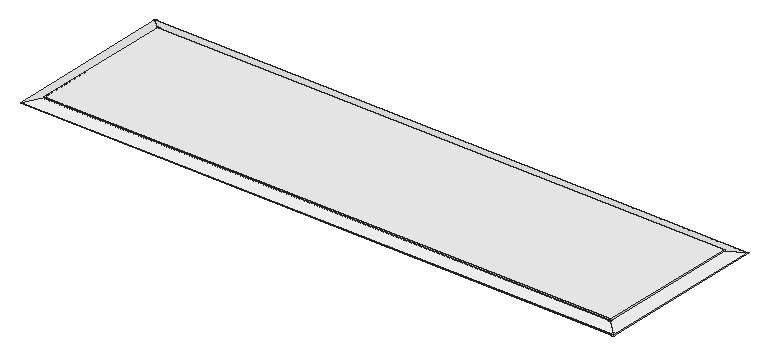
Revit family "NBS_COBAAfrica_EntMatt_PremierStarGripperPlus", category Generic Models, host Face, Revit 2018
Family settings
  Host = Face
  Can host rebar = No
  Round Connector Dimension = Use Diameter
  Part Type = Normal
  Cut with Voids When Loaded = No
  Shared = No
  Room Calculation Point = No
Parameters (values of type "2000x500mm")
  WarrantyGuarantorLabor = "n/a"
  WarrantyDurationLabor = "n/a"
  Uniclass2015Version = "Products v1.15"
  Uniclass2015Title = "Entrance mats"
  Uniclass2015Code = "Pr_35_57_11_26"
  SurfaceInsertWidth = "±50 mm"
  SurfaceInsertOptions = "Woven Brush Inserts or Polypropylene Inserts"
  Pattern = "Alternate line design"
  MatwellEdgingWidth [instance] = 2.50 mm
  WarrantyStartDate [instance] = "1900-12-31T23:59:59"
  WarrantyGuarantorParts = "n/a"
  WarrantyDurationUnit = "year"
  WarrantyDurationParts = "n/a (dependent on application)"
  WarrantyDescription = "n/a"
  Version = "1"  # constant formula
  TrafficType = "Pedestrian, wheel chairs, pushchairs and trolleys"
  ThermalTransmittance = 0
  TagNumber [instance] = "n/a"
  SustainabilityPerformance = "n/a"
  SurfaceSpreadOfFlame = "n/a"
  Size = "n/a"
  Shape = "n/a"
  SerialNumber [instance] = "n/a"
  Revision = "n/a"
  ReplacementCost = "n/a"
  Reference = "n/a"
  RampedEdging [instance] = and(MattingSurface, EdgingRequired)  # yes
  ProductInformation = "https://www.matting.co.za/commercial/product/premier-star-gripper-plus/"
  NominalWidth = EntranceMattingWidth  # 2000.00 mm
  NominalLength = EntranceMattingLength  # 500.00 mm
  NominalHeight = EntranceMattingHeight  # 14.00 mm
  Name = "EntMatt_PremierStarGripperPlus_COBAAfrica"
  NBSReference = "45-35-35/420"
  NBSDescription = "Entrance matting"
  NBSCertification = "n/a"
  ModelReference = "Premier Star Gripper Plus"
  ModelNumber = "PSG"
  MatwellEdging [instance] = and(MattingRecessed, EdgingRequired)  # no
  MattingHeight = "14 mm"
  Material = "Flexible PVC with Woven Brush Inserts or Flexible PVC with Polypropylene Inserts"
  ManufacturerURL = "www.cobaafrica.com"
  ManufacturerName = "COBA Africa"  # constant formula
  LinkingJoints = "PVC"
  IsExternal = no
  IntegralAccessoryOptions = "n/a"
  IntegralAccessories = "n/a"
  InstallationDate [instance] = "1900-12-31T23:59:59"
  IfcExportType = "FLOORING"  # constant formula
  IfcExportAs = "IfcCoveringType"  # constant formula
  HasNonSkidSurface = yes
  HasAntiStaticSurface = no
  Grade = "n/a"
  FragilityRating = "n/a"
  FlammabilityRating = "n/a"
  FireRating = "n/a"
  Finish = "n/a"
  Features = "n/a"
  ExpectedLife = "5 years plus if used in the correct environment for the volume and type of traffic as per specification"
  EdgingRequired [instance] = yes
  MattingSurface [instance] = yes
  MattingRecessed [instance] = not(MattingSurface)  # no
  MattingOffsetCalc [instance] = if(and(MattingSurface, not(EdgingRequired)), EntranceMattingHeight, if(and(MattingSurface, EdgingRequired), EntranceMattingHeight + 1.20 mm, 0.00 mm))  # 15.20 mm
  FloorRecessWidth [instance] = if(and(EdgingRequired, MattingRecessed), EntranceMattingWidth + (2 * MatwellEdgingWidth), EntranceMattingWidth)  # 2000.00 mm
  FloorRecessLength [instance] = if(and(EdgingRequired, MattingRecessed), EntranceMattingLength + (2 * MatwellEdgingWidth), EntranceMattingLength)  # 500.00 mm
  FloorRecessDepth [instance] = 25.00 mm
  Manufacturer = "sales@cobaafrica.com"  # constant formula
  MattingRecessCalc [instance] = if(and(MattingSurface, not(EdgingRequired)), EntranceMattingHeight + 0.50 mm, if(and(MattingSurface, EdgingRequired), EntranceMattingHeight + 1.70 mm, FloorRecessDepth))  # 15.70 mm
  EntranceMattingWidth = 2000.00 mm
  EntranceMattingMaterial = NBS_Concept
  EntranceMattingLength = 500.00 mm
  EntranceMattingHeight = 14.00 mm
  EdgingMaterial = NBS_Concept
  DurationUnit = "n/a"
  Description = "Interlocking entrance tile system"
  Default Elevation = 1200.00 mm
  Construction = "Open design"
  Constituents = "n/a"
  Combustible = no
  Color = "n/a"
  CodePerformance = "n/a"
  Category = "n/a"
  CarpetColourOptions = "Charcoal"
  BaseMaterial = "PVC base tile is manufactured from 100% recycled materials"
  BaseColour = "Black"
  BarCode [instance] = "n/a"
  BIMObjectName = "NBS_COBAAfrica_EntranceMatting_PremierStarGripperPlus"
  Author = "NBS"  # constant formula
  AssetType = "Fixed"
  AssetIdentifier [instance] = "n/a"
  ArrangementOptions = "Ideal for recessed entrance wells. Woven brush insert can be used externally. Polypropylene carpet insert for covered walkways only."
  Arrangement = "n/a"
  AcousticRating = "n/a"
  AccessibilityPerformance = "n/a"
Reference planes
  plane 1 "Center (Front/Back)": y = 0
  plane 2: z = 0
  plane 3 "Center (Left/Right)": x = 0
  plane 4: y = 250
  plane 5: y = -250
  plane 6: x = -1000
  plane 7: x = 1000
  plane 8 "MattingBottom": z = 1.2
  plane 9 "MattingTop": z = 15.2
  plane 10 "RecessBottom": z = -0.5
  plane 11: x = -1000
  plane 12: x = 1000
  plane 13: y = 250
  plane 14: y = -250
Forms (mm)
  Extrusion 1, solid, material "NBS_Concept" <- "EntranceMattingMaterial"
    sketch origin (-696.176, -4572, 1.2) x (-1, 0, 0) y (0, -1, 0)
      loop
        line (303.824, -4822) -> (303.824, -4322) -> (-1696.176, -4322) -> (-1696.176, -4822) -> (303.824, -4822)
    from 0 to 14
  Extrusion 2, void
    sketch origin (-696.176, -4572, 1.2) x (-1, 0, 0) y (0, -1, 0)
      loop
        line (303.824, -4822) -> (303.824, -4322) -> (-1696.176, -4322) -> (-1696.176, -4822) -> (303.824, -4822)
    from -1.7 to 14
  Sweep 3, solid, material "NBS_Concept" <- "EdgingMaterial", visible <- "RampedEdging"
    path in 3D
      loop
        line (-1000, 250, 1.2) -> (1000, 250, 1.2) -> (1000, -250, 1.2) -> (-1000, -250, 1.2) -> (-1000, 250, 1.2)
    profile origin (-1000, 0, 1.2) x (1, 0, 0) y (0, 0, -1)
      loop
        line (0, 0) -> (18, 0) -> (18, 1.2) -> (-46.339, 1.2)
        arc (-46.339, 1.2) -> (-46.996, 0.616) -> (-46.491, -0.104) r 0.661
        line (-46.491, -0.104) -> (-1.588, -10.672)
        arc (-1.588, -10.672) -> (-0.49, -10.428) -> (0, -9.415) r 1.292
        line (0, -9.415) -> (0, 0)
  Sweep 4, solid, material "NBS_Concept" <- "EdgingMaterial", visible <- "MatwellEdging"
    path in 3D
      loop
        line (-1000, 250, 1.2) -> (1000, 250, 1.2) -> (1000, -250, 1.2) -> (-1000, -250, 1.2) -> (-1000, 250, 1.2)
    profile origin (-1000, 0, 1.2) x (1, 0, 0) y (0, 0, -1)
      loop
        line (0, -14) -> (0, 0) -> (-2.5, 0) -> (-2.5, -14) -> (0, -14)
Lines and regions (mm)
  sketch lines
    curve 1: line (-1000, -250, 1.2) -> (-1000, 250, 1.2)
    curve 2: line (1000, -250, 1.2) -> (-1000, -250, 1.2)
    curve 3: line (-1000, 250, 1.2) -> (1000, 250, 1.2)
    curve 4: line (1000, 250, 1.2) -> (1000, -250, 1.2)
    curve 5: line (-1000, -250, 1.2) -> (-1000, 250, 1.2)
    curve 6: line (1000, -250, 1.2) -> (-1000, -250, 1.2)
    curve 7: line (-1000, 250, 1.2) -> (1000, 250, 1.2)
    curve 8: line (1000, 250, 1.2) -> (1000, -250, 1.2)
Dimensions and locks
  equal spacing: plane 4, plane 1 "Center (Front/Back)", plane 5
  "EntranceMattingLength": plane 4 to plane 5
  equal spacing: plane 6, plane 3 "Center (Left/Right)", plane 7
  "EntranceMattingWidth": plane 6 to plane 7
  "EntranceMattingHeight": plane 9 "MattingTop" to plane 8 "MattingBottom"
  "MattingOffsetCalc": plane 9 "MattingTop" to level
  "MattingRecessCalc": plane 9 "MattingTop" to plane 10 "RecessBottom"
  equal spacing: host sketch curve, plane 3 "Center (Left/Right)", host sketch curve
  "FloorRecessWidth": host sketch curve to host sketch curve
  equal spacing: host sketch curve, plane 1 "Center (Front/Back)", host sketch curve
  "FloorRecessLength": host sketch curve to host sketch curve
  locked: plane 6 to Sweep 3 sketch curve at 46.339
  locked: plane 8 "MattingBottom" to Sweep 3 sketch curve at 1.2
  equal spacing: plane 11, plane 3 "Center (Left/Right)", plane 12
  "FloorRecessWidth": plane 11 to plane 12
  equal spacing: plane 13, plane 1 "Center (Front/Back)", plane 14
  "FloorRecessLength": plane 13 to plane 14
  "MatwellEdgingWidth": Sweep 4 sketch curve to profile plane
  aligned and locked: plane 2 to host face
  aligned and locked: level to host face
  aligned and locked: plane 5 to Extrusion 1 sketch curve
  aligned and locked: Extrusion 1 sketch curve to plane 7
  aligned and locked: Extrusion 1 sketch curve to plane 4
  aligned and locked: plane 6 to Extrusion 1 sketch curve
  aligned and locked: Extrusion 1 to plane 8 "MattingBottom"
  aligned and locked: Extrusion 1 to plane 9 "MattingTop"
  aligned and locked: Extrusion 2 to plane 9 "MattingTop"
  aligned and locked: Extrusion 2 to plane 10 "RecessBottom"
  aligned and locked: plane 6 to Sweep 3 sketch curve
  aligned and locked: Sweep 3 sketch curve to plane 8 "MattingBottom"
  aligned and locked: Extrusion 2 sketch curve to plane 13
  aligned and locked: plane 11 to Extrusion 2 sketch curve
  aligned and locked: plane 14 to Extrusion 2 sketch curve
  aligned and locked: Extrusion 2 sketch curve to plane 12
  aligned and locked: Sweep 4 sketch curve to plane 8 "MattingBottom"
  aligned and locked: Sweep 4 sketch curve to plane 9 "MattingTop"
Automatic sketch dimensions
  Sweep 3 sketch curve to profile plane = 18.00 mm
  Sweep 3 sketch curve to profile plane = 9.415 mm
  Sweep 3 sketch curve to profile plane = 0.104 mm
  Sweep 3 sketch curve to Sweep 3 sketch curve = 0.151 mm
  profile plane to Sweep 3 sketch curve = 1.588 mm
  Sweep 3 sketch curve to Sweep 3 sketch curve = 0.296 mm
  profile plane to Sweep 4 sketch curve = 0.00 mm
